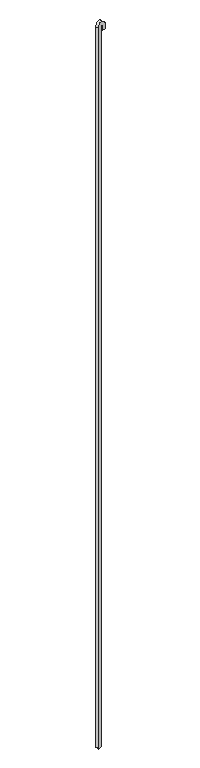
Revit family "Displays_Rod_ASHanging_P-End", category Generic Models, Revit 2026
Family settings
  Can host rebar = No
  Round Connector Dimension = Use Diameter
  Part Type = Normal
  Classification Number = 23.40.90.11
  Work Plane-Based = Yes
  Always vertical = No
  Cut with Voids When Loaded = No
  Maintain Annotation Orientation = No
  Shared = Yes
  Room Calculation Point = No
Parameters (values of type "Warm White")
  URL = "https://www.ashanging.com/"
  Tensioner Location = 0' - 1 3/4"
  Specification = "http://www.arcat.com/sd/clients/ashangin.html?coid=45289"
  Sales Information = "https://www.ashanging.com/en/contacts/"
  Revision = "R1_2017"
  Product Properties = "https://www.ashanging.com/en/classic-system/"
  Product Data = "http://www.arcat.com/arcatcos/cos45/arc45245.html"
  Model = "P End Rod"
  Manufacturer Website = "https://www.ashanging.com/"
  Manufacturer Phone - Toll Free = "866-935-6993"
  Manufacturer Phone = ""
  Manufacturer Fax = ""
  Manufacturer Address = "8396 State Route 9, West Chazy, NY 12992"
  Manufacturer = "AS Hanging"
  Length [instance] = 3' - 0"
  Keynote = "10 14 00"
  Installation-Fabrication = "https://www.ashanging.com/en/support-documents/"
  Has Tensioner = yes
  Rod = Warm White
  EndLength = 0' - 1 11/64"
  Drawn By = "Sumex Design, Robert S. Weygant"
  Description = "AS Hanging P End Rod"
  Default Elevation = 4' - 0"
  Copyright = "2017 ARCAT, Inc"
  Construction Details = ""
  Assembly Code = "C1030500"
Types (4): name | Specification | Manufacturer Phone - Toll Free | Rod
  Silver Satin | "http://www.arcat.com/sd/clients/ashangin.html?coid=45287" | "866-935-6991" | Silver Satin
  Chmpagne Anodized | "http://www.arcat.com/sd/clients/ashangin.html?coid=45288" | "866-935-6992" | Champagne
  Black | "http://www.arcat.com/sd/clients/ashangin.html?coid=45286" | "866-935-6990" | Black
  Warm White | "http://www.arcat.com/sd/clients/ashangin.html?coid=45289" | "866-935-6993" | Warm White
Reference planes (in)
  plane 1 "Center (Front/Back)": y = 0
  plane 2 "TwistPlacement": z = 0
  plane 3 "Center (Left/Right)": x = 0
  plane 4 "Hook Placement": z = -36
  plane 5: z = -1.17187
Forms (in)
  Extrusion 1, solid, material "Warm White" <- "Rod"
    sketch origin (0, 0, 0) x (1, 0, 0) y (0, 1, 0)
      loop
        line (-0.07238, 0.07238) -> (-0.07238, -0.07238) -> (0.07238, -0.07238) -> (0.07238, 0.07238) -> (-0.07238, 0.07238)
    from -1.17187 to -36
  Sweep 2, solid, material "Warm White" <- "Rod"
    path origin (0, 0, 0) x (0, 1, 0) y (0, 0, 1)
      loop
        line (0.25, -0.25) -> (0.25, 0)
        arc (0.25, 0) -> (0.125, 0.125) -> (0, 0) r 0.125
        line (0, 0) -> (0, -1.17188)
    profile origin (0, 0, -0.58594) x (1, 0, 0) y (0, 1, 0)
      loop
        line (-0.07238, -0.07238) -> (0.07238, -0.07238) -> (0.07238, 0.07238) -> (-0.07238, 0.07238) -> (-0.07238, -0.07238)
Cuts and joins
  joined: Extrusion 1, Sweep 2
Dimensions and locks (in)
  "Length": plane 2 "TwistPlacement" to plane 4 "Hook Placement"
  "EndLength": level to plane 5
  aligned and locked: plane 2 "TwistPlacement" to level
  aligned and locked: plane 5 to Extrusion 1
  aligned and locked: Extrusion 1 to plane 4 "Hook Placement"
  aligned and locked: Extrusion 1 sketch curve to Sweep 2  (x4)
Automatic sketch dimensions
  Sweep 2 sketch curve to plane 5 = 0' - 0"
  Sweep 2 sketch curve to level = 0' - 0"
  plane 1 "Center (Front/Back)" to Sweep 2 sketch curve = 0' - 0"
  Sweep 2 sketch curve to Sweep 2 sketch curve = 0' - 0 1/8"
  Sweep 2 sketch curve to level = 0' - 0 1/4"
  Sweep 2 sketch curve to profile plane = 0' - 0.07238"  (x2)
  profile plane to Sweep 2 sketch curve = 0' - 0.07238"  (x2)
